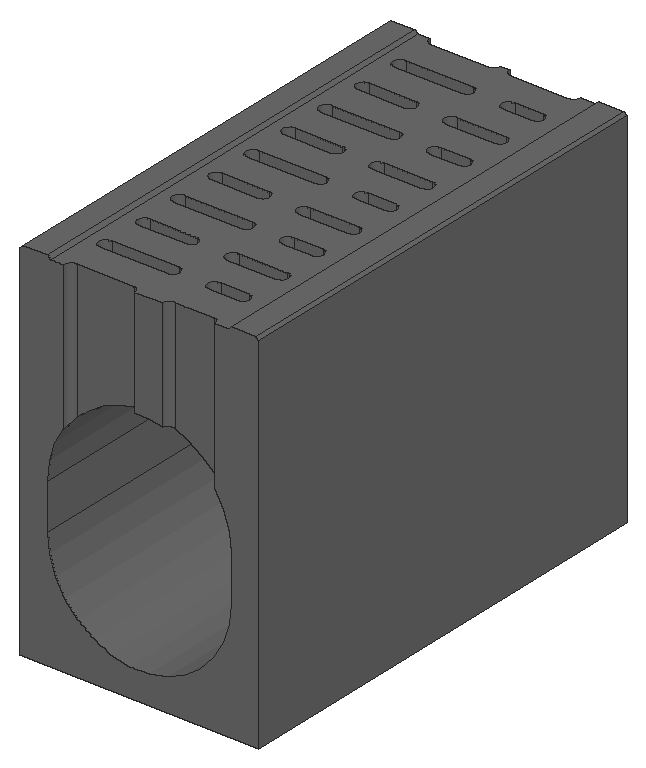
Revit family "Civil-Drainage-Channel-ACO-RoadDrain 200", category Generic Models, host Floor, Revit 2013
Parameters (values of type "33101 - PD200 F 10.1 Channel 500mm LG")
  e-mail Technical = "technical@aco.co.uk"
  e-mail Sales = "customersupport@aco.co.uk"
  Watermarked With = "BIM Manager Premium Suite"
  Watermarked By = "www.aco.co.uk"
  Watermark 2 = "This file is water marked and users are prohibited to reproduce, adapt, distribute this information"
  Watermark 1 = "This file is the property of ACO Technologies PLC"
  WarrantyStartDate = ""
  WarrantyDuration = ""
  TypeName = ""
  Telephone = "+44 (0)1462 816666"
  TagNumber = "0.000000"
  SerialNumber = "0.000000"
  Product brochure = "http://www.aco.co.uk/download.php?id=256"
  Product Weight = "52.0 Kg"
  Product Standard = "BS EN 1433:2002, CE marked, Kitemarked"
  Product Page URL = "http://www.aco.co.uk/product_detail.php?id=21"
  Product Dimensions = "500mm x 260mm x 400mm (LxWxH)"
  Product Code = "33101"
  Price = "POA - contact ACO"
  Name = ""
  Model Description = "Monolithic Channel drainage system"
  Maintenance guidelines = "http://www.aco.co.uk/download.php?id=256"
  Load Class = "A 15 - F 900"
  Length [instance] = 500 mm
  Invert Depth = "370mm"
  InstallationDate = ""
  Installation guidelines = "http://www.aco.co.uk/download.php?id=256"
  Installation - Concrete Grade = "Refer to brochure"
  Hydraulic Performance = "http://www.aco.co.uk/download.php?id=256"
  Fax = "+44 (0)1462 815895"
  Exidentifier = ""
  End Cap Recycled Material Content = "N/A"
  End Cap Recyclable = "N/A"
  End Cap Material = "N/A"
  End Cap Colour = "N/A"
  Custom Void Length [instance] = 500 mm - Length  # 0 mm
  Created on = ""
  Created by = ""
  Connection Pipe O.D = "N/A"
  Connection Pipe Material = "N/A"
  Connection Pipe Colour = "N/A"
  Concrete Surround Volume - Load Class F 900 - Concrete Pavement = "0.29m³/m"
  Channel Recycled Material Content = "20% minimum"
  Channel Recyclable = "Fully recyclable"
  Channel Material = "Vienite® Synthetic Resin Concrete"
  Channel Colour = "Black"
  Channel C.S.A = "0.041m²"
  COBie Description = ""
  AssetIdentifier = ""
  Address = "ACO Business Park, Hitchin Road, Shefford, Bedfordshire, United Kingdom SG17 5TE"
  CreatedBy = "www.aco.co.uk"
  Revision = "1"
  URL = "www.aco.co.uk"
  Type Comments = "ACO RoadDrain 200 PD200F 10.1 Constant Depth Channel 500mm Long"
  Model = "ACO RoadDrain 200 PD200F"
  Manufacturer = "ACO Technologies plc - ACO Water Management Division"
  Cost = 0
  Assembly Code = "D2040"
  WFU = ""
  HWFU = ""
  CWFU = ""
  AccessibiltyPerformance = ""
  Access Cover/Frame Recycled Material Content = "N/A"
  Access Cover/Frame Recyclable = "N/A"
  Access Cover/Frame Material = "N/A"
  Access Cover/Frame Finish = "N/A"
  Access Cover/Frame Colour = "N/A"
  Void Depth = -400 mm
  Total Depth = 400 mm
  Straight Void Start = 0 mm
  Straight Void Length [instance] = if(Length < 501 mm, if(Channel 260mm Wide, Length, if(Inlet Outlet end cap, 25 mm, if(Closing End Cap, 25 mm, 500 mm))), if(Inlet Outlet end cap, 25 mm, if(Closing End Cap, 25 mm, 500 mm)))  # 500 mm
  Pipe Depth = 6500 mm
  Inlet Outlet end cap = no
  I/O End Cap Void = 3000 mm
  Channel 260mm Wide = yes
  Access unit = no
  Invert Depth. = 270 mm
  Closing End Cap = no
  ACO Hydraulic Design Software = "http://www.acodesign.co.uk"
Types (11, lengths in mm): name | Product Weight | Product Standard | Product Dimensions | Product Code | Load Class | Length | Invert Depth | Installation - Concrete Grade | Hydraulic Performance | End Cap Recycled Material Content | End Cap Recyclable | End Cap Material | End Cap Colour | Custom Void Length | Connection Pipe O.D | Connection Pipe Material | Connection Pipe Colour | Concrete Surround Volume - Load Class F 900 - Concrete Pavement | Channel Recycled Material Content | Channel Recyclable | Channel Material | Channel Colour | Channel C.S.A | Type Comments | Access Cover/Frame Recycled Material Content | Access Cover/Frame Recyclable | Access Cover/Frame Material | Access Cover/Frame Finish | Access Cover/Frame Colour | Void Depth | Total Depth | Straight Void Length | Pipe Depth | Inlet Outlet end cap | I/O End Cap Void | Channel 260mm Wide | Access unit | Invert Depth. | Closing End Cap | ACO Hydraulic Design Software
  (no name) | "52.0 Kg" | "BS EN 1433:2002, CE marked, Kitemarked" | "500mm x 260mm x 400mm (LxWxH)" | "33101" | "A 15 - F 900" | 500 | "370mm" | "Refer to brochure" | "http://www.aco.co.uk/download.php?id=256" | "N/A" | "N/A" | "N/A" | "N/A" | 0 | "N/A" | "N/A" | "N/A" | "0.29m³/m" | "20% minimum" | "Fully recyclable" | "Vienite® Synthetic Resin Concrete" | "Black" | "0.041m²" | "ACO RoadDrain 200 PD200F 10.1 Constant Depth Channel 500mm Long" | "N/A" | "N/A" | "N/A" | "N/A" | "N/A" | -400 | 400 | 500 | 6500 | no | 3000 | yes | no | 270 | no | "http://www.acodesign.co.uk"
  33101 - PD200 F 10.1 Channel 500mm LG | "52.0 Kg" | "BS EN 1433:2002, CE marked, Kitemarked" | "500mm x 260mm x 400mm (LxWxH)" | "33101" | "A 15 - F 900" | 500 | "370mm" | "Refer to brochure" | "http://www.aco.co.uk/download.php?id=256" | "N/A" | "N/A" | "N/A" | "N/A" | 0 | "N/A" | "N/A" | "N/A" | "0.29m³/m" | "20% minimum" | "Fully recyclable" | "Vienite® Synthetic Resin Concrete" | "Black" | "0.041m²" | "ACO RoadDrain 200 PD200F 10.1 Constant Depth Channel 500mm Long" | "N/A" | "N/A" | "N/A" | "N/A" | "N/A" | -400 | 400 | 500 | 6500 | no | 3000 | yes | no | 270 | no | "http://www.acodesign.co.uk"
  33201 - PD200 F 20.1 Channel 500mm LG | "54.5 Kg" | "BS EN 1433:2002, CE marked, Kitemarked" | "500mm x 260mm x 450mm (LxWxH)" | "33201" | "A 15 - F 900" | 500 | "420mm" | "Refer to brochure" | "http://www.aco.co.uk/download.php?id=256" | "N/A" | "N/A" | "N/A" | "N/A" | 0 | "N/A" | "N/A" | "N/A" | "0.31m³/m" | "20% minimum" | "Fully recyclable" | "Vienite® Synthetic Resin Concrete" | "Black" | "0.051m²" | "ACO RoadDrain 200 PD200F 20.1 Constant Depth Channel 500mm Long" | "N/A" | "N/A" | "N/A" | "N/A" | "N/A" | -450 | 450 | 500 | 5400 | no | 3005 | yes | no | 320 | no | "http://www.acodesign.co.uk"
  33301 - PD200 F 30.1 Channel 500mm LG | "58.3 Kg" | "BS EN 1433:2002, CE marked, Kitemarked" | "500mm x 260mm x 500mm (LxWxH)" | "33301" | "A 15 - F 900" | 500 | "470mm" | "Refer to brochure" | "http://www.aco.co.uk/download.php?id=256" | "N/A" | "N/A" | "N/A" | "N/A" | 0 | "N/A" | "N/A" | "N/A" | "0.33m³/m" | "20% minimum" | "Fully recyclable" | "Vienite® Synthetic Resin Concrete" | "Black" | "0.061m²" | "ACO RoadDrain 100 PD200F 30.1 Constant Depth Channel 500mm Long" | "N/A" | "N/A" | "N/A" | "N/A" | "N/A" | -500 | 500 | 500 | 5750 | no | 3010 | yes | no | 370 | no | "http://www.acodesign.co.uk"
  33103 - PD 200 F 10.3 Rodding Access 500mm LG | "53.5 Kg" | "BS EN 1433:2002, CE marked, Kitemarked" | "500mm x 260mm x 400mm (LxWxH)" | "33103" | "A 15 - F 900" | 500 | "370mm" | "Refer to brochure" | "http://www.aco.co.uk/download.php?id=256" | "N/A" | "N/A" | "N/A" | "N/A" | 0 | "N/A" | "N/A" | "N/A" | "0.29m³/m" | "20% minimum" | "Fully recyclable" | "Vienite® Synthetic Resin Concrete" | "Black" | "0.41m²" | "ACO RoadDrain 200 PD200F 10.3 Constant Depth Access Channel 500mm Long" | "Between 40% - 90%" | "Fully recyclable" | "Ductile Iron" | "Water Based Paint Coating" | "Black" | -400 | 400 | 500 | 6000 | no | 3500 | no | yes | 270 | no | "http://www.acodesign.co.uk"
  33203 - PD200 F 20.3 Rodding Access 500mm LG | "53.5 Kg" | "BS EN 1433:2002, CE marked, Kitemarked" | "500mm x 260mm x 450mm (LxWxH)" | "33203" | "A 15 - F 900" | 500 | "420mm" | "Refer to brochure" | "http://www.aco.co.uk/download.php?id=256" | "N/A" | "N/A" | "N/A" | "N/A" | 0 | "N/A" | "N/A" | "N/A" | "0.31m³/m" | "20% minimum" | "Fully recyclable" | "Vienite® Synthetic Resin Concrete" | "Black" | "0.051m²" | "ACO RoadDrain 200 PD200F 20.3 Constant Depth Access Channel 500mm Long" | "Between 40% - 90%" | "Fully recyclable" | "Ductile Iron" | "Water Based Paint Coating" | "Black" | -450 | 450 | 500 | 5800 | no | 3260 | no | yes | 320 | no | "http://www.acodesign.co.uk"
  33306 - PD200 F 306 Closing endcap | "4.6 Kg" | "N/A" | "25mm x 260mm x 500mm (LxWxH)" | "33306" | "N/A" | 25 | "N/A" | "N/A" | "N/A" | "20% minimum" | "Fully recyclable" | "Vienite® Synthetic Resin Concrete" | "Black" | 475 | "N/A" | "N/A" | "N/A" | "N/A" | "N/A" | "N/A" | "N/A" | "N/A" | "N/A" | "ACO RoadDrain PD200 F 306 Closing End Cap" | "N/A" | "N/A" | "N/A" | "N/A" | "N/A" | -500 | 500 | 25 | 3000 | no | 3650 | no | no | 275 | yes | "N/A"
  33108 - PD200 F 108 Inlet/outlet endcap | "4.3 Kg" | "N/A" | "25mm x 260mm x 400mm (LxWxH)" | "33108" | "N/A" | 25 | "N/A" | "N/A" | "N/A" | "20% minimum" | "Fully recyclable" | "Vienite® Synthetic Resin Concrete" | "Black" | 475 | "Ø160mm" | "PVCu" | "Brown" | "N/A" | "N/A" | "N/A" | "N/A" | "N/A" | "N/A" | "ACO RoadDrain PD200 F 108 Inlet/Outlet End Cap" | "N/A" | "N/A" | "N/A" | "N/A" | "N/A" | -400 | 400 | 25 | 299 | yes | 128.041 | no | no | 270 | no | "N/A"
  33208 - PD200 F 208 Inlet/outlet endcap | "4.7 Kg" | "N/A" | "25mm x 260mm x 450mm (LxWxH)" | "33208" | "N/A" | 25 | "N/A" | "N/A" | "N/A" | "20% minimum" | "Fully recyclable" | "Vienite® Synthetic Resin Concrete" | "Black" | 475 | "Ø160mm" | "PVCu" | "Brown" | "N/A" | "N/A" | "N/A" | "N/A" | "N/A" | "N/A" | "ACO RoadDrain PD200 F 208 Inlet/Outlet End Cap" | "N/A" | "N/A" | "N/A" | "N/A" | "N/A" | -450 | 450 | 25 | 349 | yes | 228 | no | no | 275 | no | "N/A"
  33303 - PD 200 F 30.3 Rodding Access 500mm LG | "66.0 Kg" | "BS EN 1433:2002, CE marked, Kitemarked" | "500mm x 260mm x 500mm (LxWxH)" | "33303" | "A 15 - F 900" | 500 | "470mm" | "Refer to brochure" | "http://www.aco.co.uk/download.php?id=256" | "N/A" | "N/A" | "N/A" | "N/A" | 0 | "N/A" | "N/A" | "N/A" | "0.33m³/m" | "20% minimum" | "Fully recyclable" | "Vienite® Synthetic Resin Concrete" | "Black" | "0.061m²" | "ACO RoadDrain 200 PD200F 30.3 Constant Depth Access Channel 500mm Long" | "Between 40% - 90%" | "Fully recyclable" | "Ductile Iron" | "Water Based Paint Coating" | "Black" | -500 | 500 | 500 | 5650 | no | 3500 | no | yes | 370 | no | "http://www.acodesign.co.uk"
  33308 - PD200 F 308 Inlet/outlet endcap | "5.2 kg" | "N/A" | "25mm x 260mm x 500mm (LxWxH)" | "33308" | "N/A" | 25 | "N/A" | "N/A" | "N/A" | "20% minimum" | "Fully recyclable" | "Vienite® Synthetic Resin Concrete" | "Black" | 475 | "Ø160mm" | "PVCu" | "Brown" | "N/A" | "N/A" | "N/A" | "N/A" | "N/A" | "N/A" | "ACO RoadDrain PD200 F 308 Inlet/Outlet End Cap" | "N/A" | "N/A" | "N/A" | "N/A" | "N/A" | -500 | 500 | 25 | 399 | yes | 228 | no | no | 325 | no | "N/A"
Reference planes
  plane 1 "Center (Front/Back)": y = 0
  plane 2: z = 0
  plane 3 "Center (Left/Right)": x = 0
Forms (mm)
  Extrusion 1, void
    sketch origin (57, 0, -3) x (0, -1, 0) y (-1, 0, 0)
      loop
        line (-92.5, -17.5) -> (-92.5, 35.5)
        arc (-92.5, 35.5) -> (-100, 43) -> (-107.5, 35.5) r 7.5
        line (-107.5, 35.5) -> (-107.5, -17.5)
        arc (-107.5, -17.5) -> (-100, -25) -> (-92.5, -17.5) r 7.5
      loop
        line (-92.5, 80.5) -> (-92.5, 131.5)
        arc (-92.5, 131.5) -> (-100, 139) -> (-107.5, 131.5) r 7.5
        line (-107.5, 131.5) -> (-107.5, 80.5)
        arc (-107.5, 80.5) -> (-100, 73) -> (-92.5, 80.5) r 7.5
      loop
        arc (-7.5, -17.5) -> (-5.303, -22.803) -> (0, -25) r 7.5
        line (0, -25) -> (0, 31.991)
        arc (0, 31.991) -> (-5.303, 29.794) -> (-7.5, 24.491) r 7.5
        line (-7.5, 24.491) -> (-7.5, -17.5)
      loop
        arc (-7.5, 69.5) -> (-5.303, 64.197) -> (0, 62) r 7.5
        line (0, 62) -> (0, 139)
        arc (0, 139) -> (-5.303, 136.803) -> (-7.5, 131.5) r 7.5
        line (-7.5, 131.5) -> (-7.5, 69.5)
      loop
        line (-192.5, -15.418) -> (-192.5, 37.582)
        arc (-192.5, 37.582) -> (-200, 45.082) -> (-207.5, 37.582) r 7.5
        line (-207.5, 37.582) -> (-207.5, -15.418)
        arc (-207.5, -15.418) -> (-200, -22.918) -> (-192.5, -15.418) r 7.5
      loop
        line (-192.5, 82.582) -> (-192.5, 133.582)
        arc (-192.5, 133.582) -> (-200, 141.082) -> (-207.5, 133.582) r 7.5
        line (-207.5, 133.582) -> (-207.5, 82.582)
        arc (-207.5, 82.582) -> (-200, 75.082) -> (-192.5, 82.582) r 7.5
      loop
        line (-292.5, -15.418) -> (-292.5, 37.582)
        arc (-292.5, 37.582) -> (-300, 45.082) -> (-307.5, 37.582) r 7.5
        line (-307.5, 37.582) -> (-307.5, -15.418)
        arc (-307.5, -15.418) -> (-300, -22.918) -> (-292.5, -15.418) r 7.5
      loop
        line (-292.5, 82.582) -> (-292.5, 133.582)
        arc (-292.5, 133.582) -> (-300, 141.082) -> (-307.5, 133.582) r 7.5
        line (-307.5, 133.582) -> (-307.5, 82.582)
        arc (-307.5, 82.582) -> (-300, 75.082) -> (-292.5, 82.582) r 7.5
      loop
        line (-392.5, -15.418) -> (-392.5, 37.582)
        arc (-392.5, 37.582) -> (-400, 45.082) -> (-407.5, 37.582) r 7.5
        line (-407.5, 37.582) -> (-407.5, -15.418)
        arc (-407.5, -15.418) -> (-400, -22.918) -> (-392.5, -15.418) r 7.5
      loop
        line (-392.5, 82.582) -> (-392.5, 133.582)
        arc (-392.5, 133.582) -> (-400, 141.082) -> (-407.5, 133.582) r 7.5
        line (-407.5, 133.582) -> (-407.5, 82.582)
        arc (-407.5, 82.582) -> (-400, 75.082) -> (-392.5, 82.582) r 7.5
      loop
        line (-492.5, -15.418) -> (-492.5, 46.582)
        arc (-492.5, 46.582) -> (-494.697, 51.886) -> (-500, 54.082) r 7.5
        line (-500, 54.082) -> (-500, -22.918)
        arc (-500, -22.918) -> (-494.697, -20.721) -> (-492.5, -15.418) r 7.5
      loop
        line (-492.5, 71.582) -> (-492.5, 133.582)
        arc (-492.5, 133.582) -> (-494.697, 138.886) -> (-500, 141.082) r 7.5
        line (-500, 141.082) -> (-500, 64.082)
        arc (-500, 64.082) -> (-494.697, 66.279) -> (-492.5, 71.582) r 7.5
    from 0 to 183.149
  Extrusion 2, void
    sketch origin (57, 0, -3) x (0, -1, 0) y (-1, 0, 0)
      loop
        line (-457.5, 133.582) -> (-457.5, 60.595)
        arc (-457.5, 60.595) -> (-450, 53.095) -> (-442.5, 60.595) r 7.5
        line (-442.5, 60.595) -> (-442.5, 133.582)
        arc (-442.5, 133.582) -> (-450, 141.082) -> (-457.5, 133.582) r 7.5
      loop
        line (-458.295, 15.582) -> (-458.295, -15.418)
        arc (-458.295, -15.418) -> (-450.795, -22.918) -> (-443.295, -15.418) r 7.5
        line (-443.295, -15.418) -> (-443.295, 15.582)
        arc (-443.295, 15.582) -> (-450.795, 23.082) -> (-458.295, 15.582) r 7.5
      loop
        line (-357.5, 133.582) -> (-357.5, 60.595)
        arc (-357.5, 60.595) -> (-350, 53.095) -> (-342.5, 60.595) r 7.5
        line (-342.5, 60.595) -> (-342.5, 133.582)
        arc (-342.5, 133.582) -> (-350, 141.082) -> (-357.5, 133.582) r 7.5
      loop
        line (-358.295, 15.582) -> (-358.295, -15.418)
        arc (-358.295, -15.418) -> (-350.795, -22.918) -> (-343.295, -15.418) r 7.5
        line (-343.295, -15.418) -> (-343.295, 15.582)
        arc (-343.295, 15.582) -> (-350.795, 23.082) -> (-358.295, 15.582) r 7.5
      loop
        line (-257.5, 133.582) -> (-257.5, 60.595)
        arc (-257.5, 60.595) -> (-250, 53.095) -> (-242.5, 60.595) r 7.5
        line (-242.5, 60.595) -> (-242.5, 133.582)
        arc (-242.5, 133.582) -> (-250, 141.082) -> (-257.5, 133.582) r 7.5
      loop
        line (-258.295, 15.582) -> (-258.295, -15.418)
        arc (-258.295, -15.418) -> (-250.795, -22.918) -> (-243.295, -15.418) r 7.5
        line (-243.295, -15.418) -> (-243.295, 15.582)
        arc (-243.295, 15.582) -> (-250.795, 23.082) -> (-258.295, 15.582) r 7.5
      loop
        line (-157.5, 133.582) -> (-157.5, 60.595)
        arc (-157.5, 60.595) -> (-150, 53.095) -> (-142.5, 60.595) r 7.5
        line (-142.5, 60.595) -> (-142.5, 133.582)
        arc (-142.5, 133.582) -> (-150, 141.082) -> (-157.5, 133.582) r 7.5
      loop
        line (-158.295, 15.582) -> (-158.295, -15.418)
        arc (-158.295, -15.418) -> (-150.795, -22.918) -> (-143.295, -15.418) r 7.5
        line (-143.295, -15.418) -> (-143.295, 15.582)
        arc (-143.295, 15.582) -> (-150.795, 23.082) -> (-158.295, 15.582) r 7.5
      loop
        line (-57.5, 133.582) -> (-57.5, 60.595)
        arc (-57.5, 60.595) -> (-50, 53.095) -> (-42.5, 60.595) r 7.5
        line (-42.5, 60.595) -> (-42.5, 133.582)
        arc (-42.5, 133.582) -> (-50, 141.082) -> (-57.5, 133.582) r 7.5
      loop
        line (-58.295, 15.582) -> (-58.295, -15.418)
        arc (-58.295, -15.418) -> (-50.795, -22.918) -> (-43.295, -15.418) r 7.5
        line (-43.295, -15.418) -> (-43.295, 15.582)
        arc (-43.295, 15.582) -> (-50.795, 23.082) -> (-58.295, 15.582) r 7.5
    from 0 to 183.149
  Extrusion 3, solid, material "Acetal Resin, Black", visible <- "Channel 260mm Wide"
    sketch origin (-1719.728, 0, -49.389) x (1, 0, 0) y (0, 0, 1)
      loop
        line (1589.728, -350.611) -> (1849.728, -350.611) -> (1849.728, 46.389) -> (1846.728, 49.389) -> (1819.728, 49.389) -> (1816.728, 46.389) -> (1622.728, 46.389) -> (1619.728, 49.389) -> (1592.728, 49.389) -> (1589.728, 46.389) -> (1589.728, -350.611)
      loop
        line (1819.728, -220.611) -> (1819.728, -170.65)
        arc (1819.728, -170.65) -> (1719.728, -70.65) -> (1619.728, -170.65) r 100
        line (1619.728, -170.65) -> (1619.728, -220.611)
        arc (1619.728, -220.611) -> (1719.728, -320.611) -> (1819.728, -220.611) r 100
    from 0 to -500
  Extrusion 4, solid, material "Acetal Resin, Black", visible <- "Access unit"
    sketch origin (-84.75, 500, -3) x (1, 0, 0) y (0, 1, 0)
      loop
        line (44.75, -250) -> (44.75, -390) -> (124.75, -390) -> (124.75, -110) -> (44.75, -110) -> (44.75, -250)
    from -2 to 2
  Extrusion 5, solid, material "Acetal Resin, Black", visible <- "Access unit"
    sketch origin (-284.75, 500, 128.364) x (-1, 0, 0) y (0, 0, 1)
      loop
        line (-154.75, -528.364) -> (-154.75, -131.364) -> (-157.75, -128.364) -> (-184.75, -128.364) -> (-187.75, -131.364) -> (-381.75, -131.364) -> (-384.75, -128.364) -> (-411.75, -128.364) -> (-414.75, -131.364) -> (-414.75, -528.364) -> (-154.75, -528.364)
      loop
        line (-185, -398.364) -> (-185, -348.36)
        arc (-185, -348.36) -> (-285, -248.36) -> (-385, -348.36) r 100
        line (-385, -348.36) -> (-385, -398.364)
        arc (-385, -398.364) -> (-285, -498.364) -> (-185, -398.364) r 100
    from 0 to -500
  Extrusion 6, void
    sketch origin (-79.75, 500, -3) x (0, 1, 0) y (1, 0, 0)
      loop
        line (-7.5, 153.75) -> (-7.5, 98.798)
        arc (-7.5, 98.798) -> (-5.303, 93.494) -> (0, 91.298) r 7.5
        line (0, 91.298) -> (0, 161.25)
        arc (0, 161.25) -> (-5.303, 159.053) -> (-7.5, 153.75) r 7.5
      loop
        line (-7.5, 47.25) -> (-7.5, 5.25)
        arc (-7.5, 5.25) -> (-5.303, -0.053) -> (0, -2.25) r 7.5
        line (0, -2.25) -> (0, 54.75)
        arc (0, 54.75) -> (-5.303, 52.553) -> (-7.5, 47.25) r 7.5
      loop
        arc (-492.5, 153.75) -> (-494.697, 159.053) -> (-500, 161.25) r 7.5
        line (-500, 161.25) -> (-500, 91.298)
        arc (-500, 91.298) -> (-494.697, 93.494) -> (-492.5, 98.798) r 7.5
        line (-492.5, 98.798) -> (-492.5, 153.75)
      loop
        arc (-492.5, 47.25) -> (-494.697, 52.553) -> (-500, 54.75) r 7.5
        line (-500, 54.75) -> (-500, -2.25)
        arc (-500, -2.25) -> (-494.697, -0.053) -> (-492.5, 5.25) r 7.5
        line (-492.5, 5.25) -> (-492.5, 47.25)
    from 0 to 185.625
  Extrusion 7, void
    sketch origin (-130, 500, -400) x (-1, 0, 0) y (0, -1, 0)
      loop
        circle (-130, 250) r 80
    from 0 to 10
  Extrusion 8, solid, material "Acetal Resin, Black", visible <- "Inlet Outlet end cap"
    sketch origin (255, 0, 130) x (-1, 0, 0) y (0, 0, -1)
      loop
        line (385, 530) -> (125, 530) -> (125, 133) -> (128, 130) -> (155, 130) -> (158, 133) -> (352, 133) -> (355, 130) -> (382, 130) -> (385, 133) -> (385, 530)
      loop
        circle (255, 429) r 76
    from 0 to -25
  Extrusion 9, solid, material "Acetal Resin, Black", visible <- "Closing End Cap"
    sketch origin (198.995, 0, 130) x (1, 0, 0) y (0, 0, 1)
      loop
        line (-68.995, -630) -> (-68.995, -133) -> (-71.995, -130) -> (-98.995, -130) -> (-101.995, -133) -> (-295.995, -133) -> (-298.995, -130) -> (-325.995, -130) -> (-328.995, -133) -> (-328.995, -630) -> (-68.995, -630)
    from 0 to -25
  Extrusion 10, void
    sketch origin (0, 0, 0) x (1, 0, 0) y (0, 1, 0)
      loop
        line (130, 0) -> (130, 500) -> (-130, 500) -> (-130, 0) -> (130, 0)
    from 0 <- "Straight Void Start" to -400 <- "Void Depth"
  Extrusion 11, solid, material "Phenolic Resin", visible <- "Inlet Outlet end cap"
    sketch origin (255, 25, 130) x (1, 0, 0) y (0, 0, -1)
      loop
        circle (-255, 6630) r 76
      loop
        circle (-255, 6630) r 78
    from 0 to 125
  Extrusion 12, void
    sketch origin (0, 0, -15) x (1, 0, 0) y (0, 0, 1)
      loop
        circle (0, -6485) r 78
    from -150 to -25
  Extrusion 13, void
    sketch origin (-284.75, 500, 128.364) x (1, 0, 0) y (0, 0, 1)
      loop
        line (414.75, -628.364) -> (414.75, -128.364) -> (154.75, -128.364) -> (154.75, -628.364) -> (414.75, -628.364)
    from -5 to 0 <- "Custom Void Length"
Cuts and joins
  Extrusion 1, Extrusion 2, Extrusion 13 cuts Extrusion 3
  Extrusion 6, Extrusion 7 cuts Extrusion 5
Dimensions and locks
  "Total Depth": plane 2 to Extrusion 3 sketch curve
  "Invert Depth.": plane 2 to Extrusion 3 sketch curve
  "Total Depth": plane 2 to Extrusion 5 sketch curve
  "Invert Depth.": plane 2 to Extrusion 5 sketch curve
  "Total Depth": plane 2 to Extrusion 8 sketch curve
  "Straight Void Length": Extrusion 10 sketch curve to Extrusion 10 sketch curve
  "Pipe Depth": plane 2 to Extrusion 11 sketch curve  (x2)
  "Pipe Depth": plane 2 to Extrusion 12 sketch curve
  aligned and locked: level to plane 2
Automatic sketch dimensions
  Extrusion 4 sketch curve to Extrusion 5 = 57 mm  (x2)
  Extrusion 5 to Extrusion 4 sketch curve = 110 mm  (x2)
  Extrusion 4 sketch curve to Extrusion 4 sketch curve = 140 mm
  Extrusion 6 sketch curve to Extrusion 5 = 0 mm  (x2)
  Extrusion 5 to Extrusion 6 sketch curve = 0 mm  (x2)
  Extrusion 6 sketch curve to Extrusion 5 = 15.5 mm  (x2)
  Extrusion 6 sketch curve to Extrusion 6 sketch curve = 7.5 mm  (x4)
  Extrusion 6 sketch curve to Extrusion 6 sketch curve = 54.952 mm  (x2)
  Extrusion 6 sketch curve to Extrusion 6 sketch curve = 36.548 mm  (x2)
  Extrusion 6 sketch curve to Extrusion 5 = 22.5 mm  (x2)
  Extrusion 7 sketch curve to Extrusion 5 = 130 mm
  Extrusion 7 sketch curve to Extrusion 5 = 250 mm
  Extrusion 1 sketch curve to Extrusion 3 = 0 mm  (x3)
  Extrusion 1 sketch curve to Extrusion 3 = 15 mm
  Extrusion 3 to Extrusion 1 sketch curve = 0 mm  (x2)
  Extrusion 3 to Extrusion 1 sketch curve = 7.5 mm  (x4)
  Extrusion 3 to Extrusion 1 sketch curve = 22.5 mm  (x2)
  Extrusion 1 sketch curve to Extrusion 1 sketch curve = 85 mm  (x6)
  Extrusion 1 sketch curve to Extrusion 1 sketch curve = 0 mm  (x2)
  Extrusion 1 sketch curve to Extrusion 1 sketch curve = 15 mm  (x8)
  Extrusion 1 sketch curve to Extrusion 3 = 20.418 mm  (x4)
  Extrusion 3 to Extrusion 1 sketch curve = 24.582 mm  (x4)
  Extrusion 1 sketch curve to Extrusion 3 = 22.5 mm
  Extrusion 1 sketch curve to Extrusion 1 sketch curve = 51 mm  (x4)
  Extrusion 1 sketch curve to Extrusion 1 sketch curve = 62 mm  (x2)
  Extrusion 1 sketch curve to Extrusion 1 sketch curve = 45 mm  (x4)
  Extrusion 1 sketch curve to Extrusion 1 sketch curve = 30.009 mm
  Extrusion 3 to Extrusion 1 sketch curve = 94.082 mm
  Extrusion 3 to Extrusion 2 sketch curve = 41.705 mm
  Extrusion 2 sketch curve to Extrusion 3 = 20.418 mm  (x5)
  Extrusion 3 to Extrusion 2 sketch curve = 42.5 mm
  Extrusion 2 sketch curve to Extrusion 2 sketch curve = 15 mm  (x10)
  Extrusion 3 to Extrusion 2 sketch curve = 24.582 mm  (x5)
  Extrusion 2 sketch curve to Extrusion 2 sketch curve = 85 mm  (x6)
  Extrusion 3 to Extrusion 2 sketch curve = 158.295 mm
  Extrusion 2 sketch curve to Extrusion 2 sketch curve = 0.795 mm
  Extrusion 2 sketch curve to Extrusion 2 sketch curve = 72.987 mm  (x4)
  Extrusion 2 sketch curve to Extrusion 2 sketch curve = 0 mm
  Extrusion 2 sketch curve to Extrusion 2 sketch curve = 45.013 mm  (x5)
  Extrusion 9 sketch curve to level = 0 mm  (x2)
  Extrusion 9 sketch curve to level = 500 mm
  Extrusion 9 sketch curve to plane 3 "Center (Left/Right)" = 130 mm
  Extrusion 9 sketch curve to level = 3 mm  (x3)
  Extrusion 9 sketch curve to Extrusion 9 sketch curve = 3 mm  (x3)
  Extrusion 9 sketch curve to Extrusion 9 sketch curve = 30 mm
  Extrusion 9 sketch curve to Extrusion 9 sketch curve = 194 mm
  Extrusion 9 sketch curve to Extrusion 9 sketch curve = 27 mm
  Extrusion 9 sketch curve to Extrusion 9 sketch curve = 260 mm
  Extrusion 5 to Extrusion 13 sketch curve = 0 mm  (x2)
  Extrusion 13 sketch curve to Extrusion 5 = 0 mm
  Extrusion 13 sketch curve to Extrusion 5 = 100 mm
  Extrusion 3 sketch curve to level = 0 mm  (x2)
  Extrusion 3 sketch curve to plane 3 "Center (Left/Right)" = 130 mm
  Extrusion 3 sketch curve to plane 3 "Center (Left/Right)" = 100 mm
  Extrusion 3 sketch curve to level = 220.039 mm
  Extrusion 3 sketch curve to plane 3 "Center (Left/Right)" = 0 mm
  Extrusion 3 sketch curve to Extrusion 3 sketch curve = 3 mm  (x4)
  Extrusion 3 sketch curve to Extrusion 3 sketch curve = 27 mm  (x2)
  Extrusion 3 sketch curve to level = 3 mm  (x3)
  plane 3 "Center (Left/Right)" to Extrusion 3 sketch curve = 97 mm
  Extrusion 5 sketch curve to level = 0 mm  (x2)
  plane 3 "Center (Left/Right)" to Extrusion 5 sketch curve = 130 mm
  Extrusion 5 sketch curve to plane 3 "Center (Left/Right)" = 99.75 mm
  Extrusion 5 sketch curve to level = 219.996 mm
  Extrusion 5 sketch curve to Extrusion 5 sketch curve = 3 mm  (x4)
  plane 3 "Center (Left/Right)" to Extrusion 5 sketch curve = 100.25 mm
  Extrusion 5 sketch curve to Extrusion 5 sketch curve = 27 mm  (x2)
  Extrusion 5 sketch curve to level = 3 mm  (x3)
  Extrusion 5 sketch curve to plane 3 "Center (Left/Right)" = 97 mm
  Extrusion 8 sketch curve to level = 0 mm  (x2)
  Extrusion 8 sketch curve to plane 3 "Center (Left/Right)" = 130 mm
  level to Extrusion 8 sketch curve = 3 mm  (x3)
  Extrusion 8 sketch curve to plane 3 "Center (Left/Right)" = 0 mm
  Extrusion 8 sketch curve to Extrusion 8 sketch curve = 3 mm  (x4)
  Extrusion 8 sketch curve to Extrusion 8 sketch curve = 27 mm  (x2)
  plane 3 "Center (Left/Right)" to Extrusion 8 sketch curve = 97 mm
  Extrusion 8 sketch curve to Extrusion 8 sketch curve = 101 mm
  plane 1 "Center (Front/Back)" to Extrusion 10 sketch curve = 0 mm
  Extrusion 10 sketch curve to plane 3 "Center (Left/Right)" = 130 mm
  plane 3 "Center (Left/Right)" to Extrusion 10 sketch curve = 130 mm
  Extrusion 11 sketch curve to Extrusion 11 sketch curve = 0 mm
  Extrusion 8 to Extrusion 11 sketch curve = 52 mm
  Extrusion 11 sketch curve to Extrusion 11 sketch curve = 2 mm
  Extrusion 11 sketch curve to Extrusion 11 sketch curve = 76 mm
  plane 3 "Center (Left/Right)" to Extrusion 12 sketch curve = 0 mm
  Extrusion 12 sketch curve to plane 3 "Center (Left/Right)" = 78 mm
  radius of Extrusion 7 sketch curve = 80 mm
  radius of Extrusion 8 sketch curve = 76 mm
